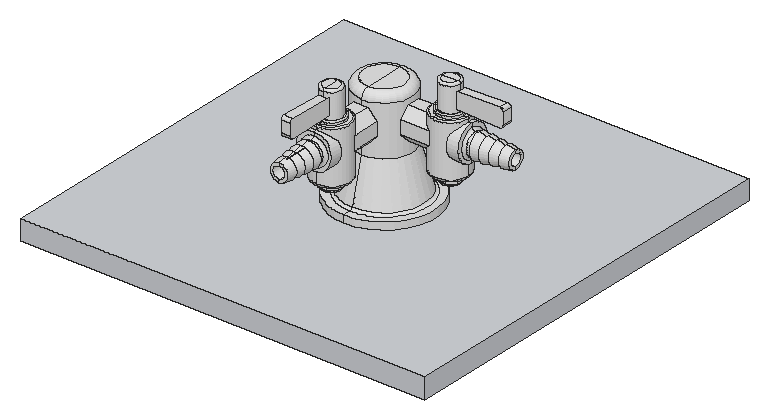
Revit family
Parameters (values of type "TG40C")
  WELSRating_ANZRS = ""
  URL = "www.galvinengineering.com.au"
  Type Comments = "Recommended Working Pressure 1 to 3 kPa (AS 5601)"
  TurretType = Straight Turret : Straight Turret
  StyleOrType_ANZRS = "Plumbing Fixture"
  PlumbingMaterial_ANZRS = Metal_Taps_DR-Brass-with-Chrome-Finish_10800
  Outlet = "Straight Turret"
  ModifiedIssue_ANZRS = 20120407.01  # constant formula
  Model = "TG40C"
  MinimumTemperature = 0 °C
  MinimumPressure = 0.00 kPa
  MaximumTemperature = 60 °C
  MaximumPressure = 7.00 kPa
  Manufacturer = "Galvin Engineering"
  Keynote = "10800"
  Instructions = "http://www.galvinengineering.com.au/Installation_Guides_1.aspx"
  Inlet = "15 BSP Male (15mm BSP female inlet available on request)"
  FlowRate = 0.023 m³/h
  FilterObject_ANZRS = "TG40"
  Description = "CP Lab 2-Way Straight Turret Type 40 - 90º"
  Default Elevation = 900 mm
  CreatedBy_ANZRS = "Galvin Engineering"
  CreatedByURL_ANZRS = "www.galvinengineering.com.au"
  CreatedByPhoneNo_ANZRS = "61-8-92495900"
  Circulation_ANZRS = yes
  Assembly Code = "D2090100"
Types (5, lengths in mm): name | TurretType | PlumbingMaterial_ANZRS | Outlet | Model | Description
  (no name) | Straight Turret : Straight Turret | Metal_Taps_DR-Brass-with-Chrome-Finish_10800 | "Straight Turret" | "TG40C" | "CP Lab 2-Way Straight Turret Type 40 - 90º"
  TG40C | Straight Turret : Straight Turret | Metal_Taps_DR-Brass-with-Chrome-Finish_10800 | "Straight Turret" | "TG40C" | "CP Lab 2-Way Straight Turret Type 40 - 90º"
  TG40RAC | Right Angle Turret : Right Angle Turret | Metal_Taps_DR-Brass-with-Chrome-Finish_10800 | "Right Angle Turret" | "TG40RAC" | "CP Lab 2-Way Right Angle Turret Type 40 - 90º"
  TG40E | Straight Turret : Straight Turret | Metal_Taps_DR-Brass-with-Epoxy-Coating_10800 | "Straight Turret" | "TG40E" | "Epoxy Coated Lab 2-Way Straight Turret Type 40 - 90º"
  TG40RAE | Right Angle Turret : Right Angle Turret | Metal_Taps_DR-Brass-with-Epoxy-Coating_10800 | "Right Angle Turret" | "TG40RAE" | "Epoxy Coated Lab 2-Way Right Angle Turret 40 - 90º"
Reference planes
  plane 1 "Center (Front/Back)": y = 0
  plane 2 "Face": z = 0
  plane 3 "Center (Left/Right)": x = 0
Forms (mm)
  Extrusion 1, solid
    sketch origin (0, -919.2, 0) x (1, 0, 0) y (0, 1, 0)
      loop
        line (-100, 1019.2) -> (-100, 819.2) -> (100, 819.2) -> (100, 1019.2) -> (-100, 1019.2)
    from 0 to -10
  Revolve 2, solid, material "Metal_Taps_DR-Brass-with-Chrome-Finish_10800" <- "PlumbingMaterial_ANZRS"
    sketch origin (0, 0, 0) x (0, -1, 0) y (0, 0, 1)
      loop
        line (-13.85, 25.5) -> (-19.692, 4.793)
        arc (-19.692, 4.793) -> (-20.23, 4.004) -> (-21.135, 3.7) r 1.5
        line (-21.135, 3.7) -> (-25, 3.7) -> (-25, 0) -> (0, 0) -> (0, 54) -> (-9.85, 54)
        arc (-9.85, 54) -> (-12.678, 52.828) -> (-13.85, 50) r 4
        line (-13.85, 50) -> (-13.85, 25.5)
      axis (0, 54) -> (0, 0)
    angle from 0 to 360
  Extrusion 3, solid, material "Metal_Taps_DR-Brass-with-Chrome-Finish_10800" <- "PlumbingMaterial_ANZRS"
    sketch origin (0, 0, 0) x (1, 0, 0) y (0, 0, 1)
      loop
        circle (0, 40.019) r 4.85
    from 11.787 to 14.646
  Extrusion 4, solid, material "Metal_Taps_DR-Brass-with-Chrome-Finish_10800" <- "PlumbingMaterial_ANZRS"
    sketch origin (0, 0, 0) x (0, 1, 0) y (0, 0, 1)
      loop
        circle (0, 40.019) r 4.85
    from 11.787 to 14.646
Cuts and joins
  joined: Revolve 2, Extrusion 3, Extrusion 4
Lines and regions (mm)
  symbolic lines, style "Taps/Mixers"
    curve 1: arc (0, 21.135, 3.7) -> (0, 20.23, 4.004) -> (0, 19.692, 4.793) r 1.5
    curve 2: arc (0, -19.692, 4.793) -> (0, -20.23, 4.004) -> (0, -21.135, 3.7) r 1.5
    curve 3: arc (0, -13.85, 50) -> (0, -12.678, 52.828) -> (0, -9.85, 54) r 4
    curve 4: arc (0, 9.85, 54) -> (0, 12.678, 52.828) -> (0, 13.85, 50) r 4
    curve 5: line (0, -19.692, 4.793) -> (0, -13.85, 25.5)
    curve 6: line (0, -13.85, 25.5) -> (0, 13.85, 25.5)
    curve 7: line (0, 19.692, 4.793) -> (0, 13.85, 25.5)
    curve 8: line (0, -25, 3.7) -> (0, -25, 0)
    curve 9: line (0, 25, 0) -> (0, 25, 3.7)
    curve 10: line (0, 25, 3.7) -> (0, -25, 3.7)
    curve 11: line (0, 13.85, 25.5) -> (0, 13.85, 50)
    curve 12: line (0, -13.85, 25.5) -> (0, -13.85, 50)
    curve 13: line (0, 9.85, 54) -> (0, -9.85, 54)
    curve 14: line (0, -25, 0) -> (0, 25, 0)
    curve 15: arc (8, -18.581, 0) -> (0, 20.23, 0) -> (-8, -18.581, 0) r 20.23
    curve 16: circle (0, 0, 0) r 13.85 normal (0, 0, 1)
    curve 17: arc (8, -24.213, 0) -> (18.025, -18.037, 0) -> (24.207, -8.016, 0) r 25.5
    curve 18: arc (-21.135, 0, 3.7) -> (-20.23, 0, 4.004) -> (-19.692, 0, 4.793) r 1.5
    curve 19: arc (19.692, 0, 4.793) -> (20.23, 0, 4.004) -> (21.135, 0, 3.7) r 1.5
    curve 20: arc (13.85, 0, 50) -> (12.678, 0, 52.828) -> (9.85, 0, 54) r 4
    curve 21: arc (-9.85, 0, 54) -> (-12.678, 0, 52.828) -> (-13.85, 0, 50) r 4
    curve 22: line (19.692, 0, 4.793) -> (13.85, 0, 25.5)
    curve 23: line (-19.692, 0, 4.793) -> (-13.85, 0, 25.5)
    curve 24: line (25, 0, 3.7) -> (25, 0, 0)
    curve 25: line (-25, 0, 0) -> (-25, 0, 3.7)
    curve 26: line (-25, 0, 3.7) -> (25, 0, 3.7)
    curve 27: line (-13.85, 0, 25.5) -> (-13.85, 0, 50)
    curve 28: line (13.85, 0, 25.5) -> (13.85, 0, 50)
    curve 29: line (-9.85, 0, 54) -> (-5.002, 0, 54)
    curve 30: line (25, 0, 0) -> (-25, 0, 0)
    curve 31: line (13.85, 0, 25.5) -> (9, 0, 25.5)
    curve 34: line (0, -14.646, 35.155) -> (0, -13.85, 35.155)
    curve 35: line (0, -13.85, 44.883) -> (0, -14.646, 44.883)
    curve 36: line (-4.85, -14.646, 0) -> (-4.85, -12.973, 0)
    curve 37: line (4.85, -14.646, 0) -> (4.85, -12.973, 0)
    curve 38: line (-9.01, 0, 25.5) -> (-13.85, 0, 25.5)
    curve 39: line (4.995, 0, 54) -> (9.85, 0, 54)
    curve 40: line (14.646, -4.85, 0) -> (12.973, -4.85, 0)
    curve 41: line (14.646, 4.85, 0) -> (12.973, 4.85, 0)
    curve 42: arc (24.234, 7.936, 0) -> (-18.007, 18.055, 0) -> (-8, -24.213, 0) r 25.5
    curve 43: line (14.646, 0, 44.869) -> (13.85, 0, 44.869)
    curve 44: line (14.646, 0, 35.169) -> (13.85, 0, 35.169)
  symbolic lines, style "Taps/Mixers", detail levels fine
    curve 32: line (0, -13.85, 44.302) -> (0, -14.646, 44.883)
    curve 33: line (0, -14.646, 35.155) -> (0, -13.85, 35.736)
Dimensions and locks
  aligned and locked: plane 2 "Face" to Extrusion 1
  aligned and locked: level to Extrusion 1
Nested families
  nested 1: "Straight Turret" at (14.65, 0, 40) x (0, 1, 0) z (0, 0, 1), type <- "TurretType", type "Straight Turret"
  nested 2: "Straight Turret" at (0, -14.65, 40) x (-1, 0, 0) z (0, 0, 1), type <- "TurretType", type "Straight Turret"
Connectors
  piping at (0, 0, 0), driven by "FlowRate"
    settings: on cut or joined group of Revolve 2, Extrusion 3, Extrusion 4, index 1, connector radius 0.29528", flow factor 0, pipe flow 0.023 m³/h, pressure drop 0.00 kPa, fitting loss kfactor 0, connector angle 0.00°, fixture units 0, flow configuration 1, flow direction 1, fitting loss method 0, system type 22, connector reference index -1, connector utility 0, adjustable connector no, is connector primary yes, fitting loss table "", connector description "Gas"
Definition of nested family "Straight Turret"
  Parameters (values of type "X_StraightTurret")
    PlumbingMaterial_ANZRS = Metal_Taps_DR-Brass-with-Chrome-Finish_10800
    Assembly Code = ""
  Reference planes
    plane 1 "Center (Front/Back)": y = 0
    plane 2: z = 0
    plane 3 "Center (Left/Right)": x = 0
  Forms (mm)
    Revolve 1, solid, material "Metal_Taps_DR-Brass-with-Chrome-Finish_10800" <- "PlumbingMaterial_ANZRS"
      sketch origin (0, 14.646, -40.019) x (0, -1, 0) y (0, 0, 1)
        loop
          line (36.646, 65) -> (32.646, 65) -> (32.646, 24.019) -> (41.146, 24.019)
          arc (41.146, 24.019) -> (41.5, 24.165) -> (41.646, 24.519) r 0.5
          line (41.646, 24.519) -> (41.646, 50.019)
          arc (41.646, 50.019) -> (41.5, 50.372) -> (41.146, 50.519) r 0.5
          line (41.146, 50.519) -> (39.146, 50.519) -> (39.146, 51.519)
          arc (39.146, 51.519) -> (39, 51.872) -> (38.646, 52.019) r 0.5
          line (38.646, 52.019) -> (37.646, 52.019) -> (37.646, 64)
          arc (37.646, 64) -> (37.353, 64.707) -> (36.646, 65) r 1
        loop
          line (32.646, 19.519) -> (36.646, 19.519)
          arc (36.646, 19.519) -> (37, 19.665) -> (37.146, 20.019) r 0.5
          line (37.146, 20.019) -> (37.146, 21.269) -> (32.646, 21.269) -> (32.646, 19.519)
        axis (32.646, 65) -> (32.646, 19.519)
      angle from 0 to 360
    Extrusion 2, solid, material "Metal_Taps_DR-Brass-with-Chrome-Finish_10800" <- "PlumbingMaterial_ANZRS"
      sketch origin (0, 14.646, -96.882) x (1, 0, 0) y (0, 0, 1)
        loop
          line (-8, 93.568) -> (-3.314, 88.882) -> (3.314, 88.882) -> (8, 93.568) -> (8, 100.196) -> (3.314, 104.882) -> (-3.314, 104.882) -> (-8, 100.196) -> (-8, 93.568)
      from 14.646 to 32.646
    Extrusion 3, solid, material "Metal_Taps_DR-Brass-with-Chrome-Finish_10800" <- "PlumbingMaterial_ANZRS"
      sketch origin (0, 95.559, -40.019) x (0, -1, 0) y (1, 0, 0)
        loop
          line (111.178, -5.75) -> (115.941, -5.75) -> (119.309, -2.382) -> (119.309, 2.382) -> (115.941, 5.75) -> (111.178, 5.75) -> (107.809, 2.382) -> (107.809, -2.382) -> (111.178, -5.75)
      from 21.269 to 24.019
    Revolve 4, solid, material "Metal_Taps_DR-Brass-with-Chrome-Finish_10800" <- "PlumbingMaterial_ANZRS"
      sketch origin (0, 14.646, -40.019) x (0, -1, 0) y (0, 0, 1)
        loop
          line (43.5, 48.769) -> (37.728, 48.769) -> (37.728, 40.019) -> (47, 40.019) -> (47, 43.019) -> (65, 43.019) -> (65, 44.319) -> (60.5, 45.019) -> (60.5, 44.219) -> (56, 45.519) -> (56, 44.719) -> (51.5, 46.019) -> (51.5, 45.219) -> (47, 46.219) -> (47, 45.419) -> (45, 45.419)
          arc (45, 45.419) -> (43.939, 45.858) -> (43.5, 46.919) r 1.5
          line (43.5, 46.919) -> (43.5, 48.769)
        axis (65, 40.019) -> (37.728, 40.019)
      angle from 0 to 360
    Extrusion 5, solid, material "Metal_Taps_DR-Brass-with-Chrome-Finish_10800" <- "PlumbingMaterial_ANZRS"
      sketch origin (0, 14.646, -40.019) x (0, -1, 0) y (0, 0, 1)
        loop
          line (32.646, 61.44) -> (32.646, 54.079) -> (59.103, 53.313)
          arc (59.103, 53.313) -> (60.191, 53.737) -> (60.646, 54.813) r 1.5
          line (60.646, 54.813) -> (60.646, 60.706)
          arc (60.646, 60.706) -> (60.191, 61.782) -> (59.103, 62.205) r 1.5
          line (59.103, 62.205) -> (32.646, 61.44)
      from -2.248 to 2.252
  Cuts and joins
    joined: Revolve 1, Extrusion 2, Revolve 4, Extrusion 5
  Lines and regions (mm)
    symbolic lines, style "Taps/Mixers"
      curve 1: arc (0, -14, 24.981) -> (0, -13.293, 24.688) -> (0, -13, 23.981) r 1
      curve 2: arc (0, -13.5, -20) -> (0, -13.646, -20.354) -> (0, -14, -20.5) r 0.5
      curve 3: arc (0, -12.25, -18.25) -> (0, -13.875, -18.75) -> (0, -15.5, -18.25) r 2.89
      curve 4: arc (0, -9, 8) -> (0, -10.372, 5.365) -> (0, -12.457, 3.25) r 10
      curve 5: arc (0, -12.75, -15.5) -> (0, -12.896, -15.854) -> (0, -13.25, -16) r 0.5
      curve 6: arc (0, -9, -10.5) -> (0, -9.146, -10.854) -> (0, -9.5, -11) r 0.5
      curve 7: arc (0, -12.442, -3.239) -> (0, -10.363, -5.361) -> (0, -9, -8) r 10
      curve 8: arc (0, -12.75, -11.5) -> (0, -12.604, -11.146) -> (0, -12.25, -11) r 0.5
      curve 9: arc (0, -9.5, 10.5) -> (0, -9.146, 10.354) -> (0, -9, 10) r 0.5
      curve 10: arc (0, -12, 12) -> (0, -11.646, 11.854) -> (0, -11.5, 11.5) r 0.5
      curve 11: arc (0, -27, 8.75) -> (0, -23.082, 0) -> (0, -27, -8.75) r 11.73
      curve 12: arc (0, -22, -20.5) -> (0, -22.354, -20.354) -> (0, -22.5, -20) r 0.5
      curve 13: arc (0, -20.5, -18.25) -> (0, -22.125, -18.75) -> (0, -23.75, -18.25) r 2.89
      curve 14: arc (0, -15.5, -18.25) -> (0, -18, -18.75) -> (0, -20.5, -18.25) r 6.5
      curve 15: arc (0, -26.5, -16) -> (0, -26.854, -15.854) -> (0, -27, -15.5) r 0.5
      curve 16: arc (0, -30.354, -5.6) -> (0, -29.293, -6.039) -> (0, -28.854, -7.1) r 1.5
      curve 17: arc (0, -28.354, -8.75) -> (0, -28.707, -8.604) -> (0, -28.854, -8.25) r 0.5
      curve 18: arc (0, -23, 23.981) -> (0, -22.707, 24.688) -> (0, -22, 24.981) r 1
      curve 19: arc (0, -27, 10) -> (0, -26.854, 10.354) -> (0, -26.5, 10.5) r 0.5
      curve 20: arc (0, -24.5, 11.5) -> (0, -24.354, 11.854) -> (0, -24, 12) r 0.5
      curve 21: arc (0, -28.854, 7.1) -> (0, -29.293, 6.039) -> (0, -30.354, 5.6) r 1.5
      curve 22: arc (0, -44.457, 13.295) -> (0, -45.545, 13.718) -> (0, -46, 14.794) r 1.5
      curve 23: arc (0, -46, 20.687) -> (0, -45.545, 21.763) -> (0, -44.457, 22.187) r 1.5
      curve 24: line (0, -9, 10) -> (0, -9, 8)
      curve 25: line (0, -9, 8) -> (0, 0, 8)
      curve 26: line (0, 0, 8) -> (0, 0, -8)
      curve 27: line (0, 0, -8) -> (0, -9, -8)
      curve 28: line (0, -9, -10.5) -> (0, -9, -8)
      curve 29: line (0, 0, -3.25) -> (0, -12.457, -3.25)
      curve 30: line (0, -12.457, -3.25) -> (0, -12.457, 3.25)
      curve 31: line (0, -12.457, 3.25) -> (0, 0, 3.25)
      curve 32: line (0, -45.854, 5) -> (0, -45.854, -5)
      curve 33: line (0, -45.854, -5) -> (0, -50.354, -4.338)
      curve 34: line (0, -45.854, 5) -> (0, -50.354, 4.3)
      curve 35: line (0, -50.354, 4.3) -> (0, -50.354, -4.338)
      curve 36: line (0, -9.5, 10.5) -> (0, -26.5, 10.5)
      curve 37: line (0, -12, 12) -> (0, -24, 12)
      curve 38: line (0, -13.5, -18.75) -> (0, -22.5, -18.75)
      curve 39: line (0, -22.5, -18.75) -> (0, -22.5, -20)
      curve 40: line (0, -26.5, -16) -> (0, -13.25, -16)
      curve 41: line (0, -12.75, -15.5) -> (0, -12.75, -11.5)
      curve 42: line (0, -12.25, -14.5) -> (0, -12.25, -18.25)
      curve 43: line (0, -13.5, -20) -> (0, -13.5, -18.75)
      curve 44: line (0, -12.25, -11) -> (0, -9.5, -11)
      curve 45: line (0, -13, 23.981) -> (0, -13, 12)
      curve 46: line (0, -11.5, 11.5) -> (0, -11.5, 10.5)
      curve 47: line (0, -23, 13.915) -> (0, -44.457, 13.295)
      curve 48: line (0, -23, 21.566) -> (0, -44.457, 22.187)
      curve 49: line (0, -32.354, 5.6) -> (0, -30.354, 5.6)
      curve 50: line (0, -32.354, -5.6) -> (0, -30.354, -5.6)
      curve 51: line (0, -28.854, 8.25) -> (0, -28.854, -8.25)
      curve 52: line (0, -22, -20.5) -> (0, -14, -20.5)
      curve 53: line (0, -15.5, -18.25) -> (0, -15.5, -16)
      curve 54: line (0, -20.5, -16) -> (0, -20.5, -18.25)
      curve 55: line (0, -28.354, -8.75) -> (0, -27, -8.75)
      curve 56: line (0, -27, -8.75) -> (0, -27, -15.5)
      curve 57: line (0, -23.75, -18.25) -> (0, -23.75, -16)
      curve 58: line (0, -14, 24.981) -> (0, -22, 24.981)
      curve 59: line (0, -23, 23.981) -> (0, -23, 12)
      curve 60: line (0, -24.5, 11.5) -> (0, -24.5, 10.5)
      curve 61: line (0, -27, 10) -> (0, -27, 8.75)
      curve 62: line (0, -27, 8.75) -> (0, -28.354, 8.75)
      curve 63: line (0, -36.854, -6) -> (0, -36.854, 6)
      curve 64: line (0, -36.854, 6) -> (0, -41.354, 5)
      curve 65: line (0, -41.354, -5.5) -> (0, -41.354, 5.5)
      curve 66: line (0, -41.354, 5.5) -> (0, -45.854, 4.5)
      curve 67: line (0, -32.354, 6.2) -> (0, -32.354, -6.2)
      curve 68: line (0, -32.354, -6.2) -> (0, -36.854, -5.2)
      curve 69: line (0, -41.354, -5) -> (0, -36.854, -6)
      curve 70: line (0, -45.854, -4.5) -> (0, -41.354, -5.5)
      curve 71: line (0, -36.854, 5.2) -> (0, -32.354, 6.2)
      curve 72: line (0, -46, 20.687) -> (0, -46, 14.794)
      curve 73: arc (0, -28.354, 8.75) -> (0, -28.707, 8.604) -> (0, -28.854, 8.25) r 0.5
      curve 74: line (0, -12.25, -14.5) -> (0, -12.75, -14.5)
      curve 75: arc (-5.602, -30.354, 0) -> (-5.989, -29.459, 0) -> (-6.752, -28.854, 0) r 2
      curve 76: arc (2.25, -26.714, 0) -> (0, -9, 0) -> (-2.25, -26.714, 0) r 9
      curve 77: circle (-0.002, -18, 0) r 5 normal (0, 0, 1)
      curve 79: arc (6.748, -28.854, 0) -> (5.984, -29.459, 0) -> (5.598, -30.354, 0) r 2
      curve 80: arc (1.25, -46.02, 0) -> (1.957, -45.727, 0) -> (2.25, -45.02, 0) r 1
      curve 81: arc (-2.25, -45.02, 0) -> (-1.957, -45.727, 0) -> (-1.25, -46.02, 0) r 1
      curve 82: line (-2.25, -28.854, 0) -> (-6.752, -28.854, 0)
      curve 83: line (-6.752, -28.854, 0) -> (-6.752, -23.95, 0)
      curve 84: line (-8, -13.877, 0) -> (-8, 0, 0)
      curve 85: line (-8, 0, 0) -> (8, 0, 0)
      curve 86: line (8, 0, 0) -> (8, -13.877, 0)
      curve 87: line (-2.25, -32.354, 0) -> (-6.202, -32.354, 0)
      curve 88: line (-6.202, -32.354, 0) -> (-5.202, -36.854, 0)
      curve 89: line (2.25, -32.354, 0) -> (6.198, -32.354, 0)
      curve 90: line (6.198, -32.354, 0) -> (5.198, -36.854, 0)
      curve 91: line (2.25, -45.02, 0) -> (2.25, -22.464, 0)
      curve 92: line (-2.25, -45.02, 0) -> (-2.25, -22.466, 0)
      curve 93: line (-3.25, -9.607, 0) -> (-3.25, 0, 0)
      curve 94: line (3.25, -9.607, 0) -> (3.25, 0, 0)
      curve 95: line (-5.602, -30.354, 0) -> (-5.602, -32.354, 0)
      curve 96: line (6.748, -23.956, 0) -> (6.748, -28.854, 0)
      curve 97: line (6.748, -28.854, 0) -> (2.25, -28.854, 0)
      curve 98: line (5.598, -30.354, 0) -> (5.598, -32.354, 0)
      curve 99: line (-2.25, -36.854, 0) -> (-6.002, -36.854, 0)
      curve 100: line (-6.002, -36.854, 0) -> (-5.002, -41.354, 0)
      curve 101: line (-2.25, -41.354, 0) -> (-5.502, -41.354, 0)
      curve 102: line (-5.502, -41.354, 0) -> (-4.502, -45.854, 0)
      curve 103: line (-1.25, -46.02, 0) -> (1.25, -46.02, 0)
      curve 104: line (2.25, -36.854, 0) -> (5.998, -36.854, 0)
      curve 105: line (5.998, -36.854, 0) -> (4.998, -41.354, 0)
      curve 106: line (2.25, -41.354, 0) -> (5.498, -41.354, 0)
      curve 107: line (5.498, -41.354, 0) -> (4.498, -45.854, 0)
      curve 108: line (-5.002, -45.854, 0) -> (4.998, -45.854, 0)
      curve 109: line (4.998, -45.854, 0) -> (4.367, -49.909, 0)
      curve 110: line (3.848, -50.354, 0) -> (-3.872, -50.354, 0)
      curve 111: line (-4.368, -49.929, 0) -> (-5.002, -45.854, 0)
      curve 112: arc (-3.872, -50.354, 0) -> (-4.199, -50.233, 0) -> (-4.368, -49.929, 0) r 0.502
      curve 113: arc (4.367, -49.909, 0) -> (4.189, -50.228, 0) -> (3.848, -50.354, 0) r 0.525
      curve 114: arc (-4, 0, 25) -> (-4.707, 0, 24.707) -> (-5, 0, 24) r 1
      curve 115: arc (-4.5, 0, -19.981) -> (-4.354, 0, -20.335) -> (-4, 0, -20.481) r 0.5
      curve 116: arc (-5.75, 0, -18.231) -> (-4.125, 0, -18.731) -> (-2.5, 0, -18.231) r 2.89
      curve 117: arc (-8.5, 0, 10.519) -> (-8.854, 0, 10.372) -> (-9, 0, 10.019) r 0.5
      curve 118: arc (-6, 0, 12.019) -> (-6.354, 0, 11.872) -> (-6.5, 0, 11.519) r 0.5
      curve 119: arc (4, 0, -20.481) -> (4.354, 0, -20.335) -> (4.5, 0, -19.981) r 0.5
      curve 120: arc (2.5, 0, -18.231) -> (4.125, 0, -18.731) -> (5.75, 0, -18.231) r 2.89
      curve 121: arc (-2.5, 0, -18.231) -> (0, 0, -18.731) -> (2.5, 0, -18.231) r 6.5
      curve 122: arc (8.5, 0, -15.981) -> (8.854, 0, -15.835) -> (9, 0, -15.481) r 0.5
      curve 123: arc (5, 0, 24) -> (4.707, 0, 24.707) -> (4, 0, 25) r 1
      curve 124: arc (9, 0, 10.019) -> (8.854, 0, 10.372) -> (8.5, 0, 10.519) r 0.5
      curve 125: arc (6.5, 0, 11.519) -> (6.354, 0, 11.872) -> (6, 0, 12.019) r 0.5
      curve 126: line (-9, 0, -15.481) -> (-9, 0, 10.019)
      curve 127: line (-8.5, 0, 10.519) -> (8.5, 0, 10.519)
      curve 128: line (-6, 0, 12.019) -> (6, 0, 12.019)
      curve 129: line (-4.5, 0, -18.731) -> (4.5, 0, -18.731)
      curve 130: line (4.5, 0, -18.731) -> (4.5, 0, -19.981)
      curve 131: line (8.5, 0, -15.981) -> (-8.5, 0, -15.981)
      curve 132: line (-5.75, 0, -15.981) -> (-5.75, 0, -18.231)
      curve 133: line (-4.5, 0, -19.981) -> (-4.5, 0, -18.731)
      curve 134: line (-5, 0, 24) -> (-5, 0, 12.019)
      curve 135: line (-6.5, 0, 11.519) -> (-6.5, 0, 10.519)
      curve 136: line (4, 0, -20.481) -> (-4, 0, -20.481)
      curve 137: line (-2.5, 0, -18.231) -> (-2.5, 0, -15.981)
      curve 138: line (2.5, 0, -15.981) -> (2.5, 0, -18.231)
      curve 139: line (9, 0, 10.019) -> (9, 0, -15.481)
      curve 140: line (5.75, 0, -18.231) -> (5.75, 0, -15.981)
      curve 141: line (-4, 0, 25) -> (4, 0, 25)
      curve 142: line (5, 0, 24) -> (5, 0, 12.019)
      curve 143: line (6.5, 0, 11.519) -> (6.5, 0, 10.519)
      curve 144: arc (-8.5, 0, -15.981) -> (-8.854, 0, -15.835) -> (-9, 0, -15.481) r 0.5
      curve 145: line (-2.252, 0, 23.206) -> (-2.252, 0, 13.813)
      curve 146: line (2.248, 0, 13.813) -> (2.248, 0, 23.206)
      curve 147: line (-1.752, 0, 23.706) -> (1.748, 0, 23.706)
      curve 148: line (-1.752, 0, 13.313) -> (1.748, 0, 13.313)
      curve 149: circle (0, 0, 0) r 4.319 normal (0, -1, 0)
      curve 150: circle (0, 0, 0.019) r 8.763 normal (0, -1, 0)
      curve 151: circle (0, 0, 0.019) r 7.1 normal (0, -1, 0)
      curve 152: circle (0, 0, 0) r 3.3 normal (0, -1, 0)
      curve 153: arc (-1.752, 0, 23.706) -> (-2.106, 0, 23.56) -> (-2.252, 0, 23.206) r 0.5
      curve 154: arc (1.748, 0, 23.706) -> (2.101, 0, 23.56) -> (2.248, 0, 23.206) r 0.5
      curve 155: arc (-2.252, 0, 13.813) -> (-2.106, 0, 13.459) -> (-1.752, 0, 13.313) r 0.5
      curve 156: arc (1.748, 0, 13.313) -> (2.101, 0, 13.459) -> (2.248, 0, 13.813) r 0.5
    symbolic lines, style "Taps/Mixers", detail levels medium+fine
      curve 78: arc (2.25, -24.098, 0) -> (0, -11.5, 0) -> (-2.25, -24.098, 0) r 6.5
  Dimensions and locks
    aligned and locked: plane 2 to level
